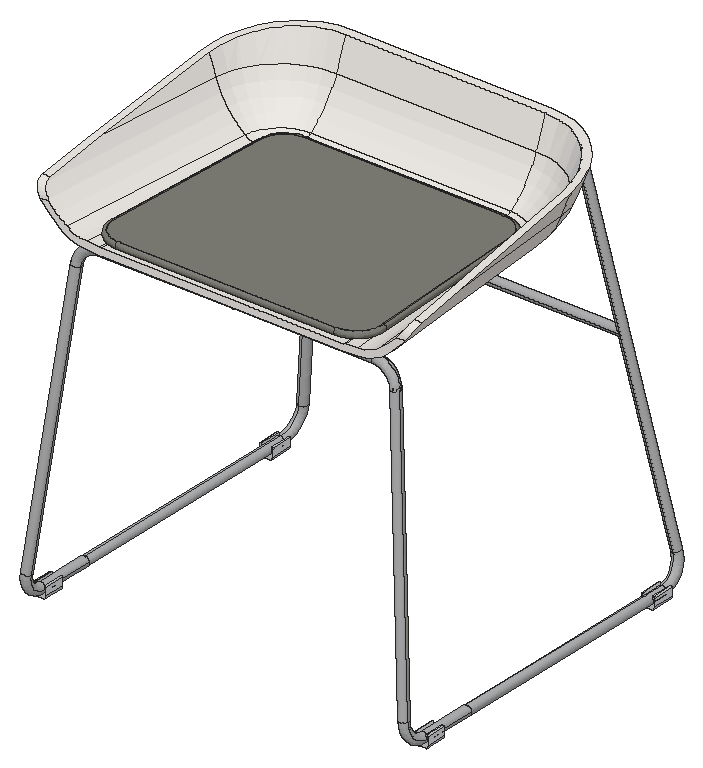
Revit family "revitupgrade", category Furniture, Revit 2020
Family settings
  Work Plane-Based = No
  Always vertical = Yes
  Cut with Voids When Loaded = No
  Shared = No
  Room Calculation Point = No
Parameters (values of type "with Upholstered Seat")
  Upholstery [instance] = Steelcase - BR08 Celery
  Upholstered Seat Cushion = yes
  URL = "https://www.steelcase.com"
  Symbol Name = "TS3704"
  Style Number(s) = "TS30704"
  Seat [instance] = Steelcase - 6618 White
  Release Date = "April 2018"  # constant formula
  Product Line = "Turnstone"  # constant formula
  Product = "Scoop"  # constant formula
  Opaque [instance] = yes
  Manufacturer = "Steelcase"  # constant formula
  Frame [instance] = Steelcase - 4799 Platinum Metallic
  Description = ""
  Default Elevation = 0.00"
  Copyright = "© 2010 Steelcase Inc."  # constant formula
  AutoCAD Tag = "SCOOP"  # constant formula
  Authoring Version = "Revit 2016"  # constant formula
  Assembly Code = "E2020200"
Types (2): name | Upholstered Seat Cushion | Symbol Name | Style Number(s) | Frame
  No Upholstered Seat | no | "TS3703" | "TS30703" | Steelcase - 6618 White
  with Upholstered Seat | yes | "TS3704" | "TS30704" | Steelcase - 4799 Platinum Metallic
Reference planes (in)
  plane 1 "Front": y = 0
  plane 2 "Bottom": z = 0
  plane 3 "Center Left/Right": x = 0
  plane 4: through (-10.26119, -180, 0.42307) normal (-0.9872, 0, 0.1592)
  plane 5: through (-10.27283, -180, 0.35089) normal (-0.9945, 0, 0.1045)
  plane 6: through (0, 0.96131, 16.58001) normal (0, 0.9962, -0.0872)
  plane 7: through (0, 15.22848, 20.23932) normal (0, -0.9903, -0.1392)
Forms (in)
  Sweep 1, solid, material "Steelcase - 6618 White" <- "Seat"
    path origin (180, 0, 0) x (1, 0, 0) y (0, 1, 0)
      loop
        line (-186.53428, -0.8001) -> (-185.51226, 10.65439)
        arc (-185.51226, 10.65439) -> (-185.46409, 10.75174) -> (-185.36285, 10.79106) r 0.15
        line (-185.36285, 10.79106) -> (-174.63715, 10.79106)
        arc (-174.63715, 10.79106) -> (-174.53591, 10.75174) -> (-174.48774, 10.65439) r 0.15
        line (-174.48774, 10.65439) -> (-173.46572, -0.8001)
    profile origin (0, 10.79106, 0) x (0, 1, 0) y (0, 0, 1)
      loop
        line (0.05035, 18.00107) -> (0.08413, 18.00107)
        arc (0.08413, 18.00107) -> (0.15067, 18.00312) -> (0.21696, 18.00926) r 1.08118
        arc (0.21696, 18.00926) -> (0.53401, 18.04187) -> (0.85214, 18.06133) r 7.70327
        arc (0.85214, 18.06133) -> (1.50241, 18.1741) -> (2.10113, 18.45179) r 2.52068
        arc (2.10113, 18.45179) -> (3.22113, 19.4442) -> (3.97339, 20.73781) r 4.71092
        arc (3.97339, 20.73781) -> (4.32001, 21.66549) -> (4.64867, 22.59967) r 51.35089
        line (4.64867, 22.59967) -> (4.25759, 22.59967)
        arc (4.25759, 22.59967) -> (3.95063, 21.73232) -> (3.62806, 20.87065) r 50.98089
        arc (3.62806, 20.87065) -> (2.93489, 19.67864) -> (1.90284, 18.76417) r 4.34092
        arc (1.90284, 18.76417) -> (1.39201, 18.52724) -> (0.83719, 18.43103) r 2.15068
        arc (0.83719, 18.43103) -> (0.50378, 18.41063) -> (0.1715, 18.37646) r 8.07327
        arc (0.1715, 18.37646) -> (0.1279, 18.37242) -> (0.08413, 18.37107) r 0.71118
        line (0.08413, 18.37107) -> (0.05035, 18.37107) -> (0.05035, 18.00107)
  Extrusion 2, void
    sketch origin (-8.04536, 5.95107, 48) x (0, -1, 0) y (0, 0, 1)
      loop
        line (-9.54849, -25.43864) -> (5.20014, -27.65585)
        arc (5.20014, -27.65585) -> (5.6593, -27.90166) -> (5.85955, -28.38244) r 0.77582
        line (5.85955, -28.38244) -> (5.95659, -30.234) -> (7.20107, -30.234) -> (7.20107, -24.99592) -> (-9.54849, -24.99592) -> (-9.54849, -25.43864)
    from -20.13826 to 4.20464
  Extrusion 3, solid, material "Steelcase - 6618 White" <- "Seat"
    sketch origin (0, 0, 0) x (1, 0, 0) y (0, 1, 0)
      loop
        line (-5.56241, 10.65887) -> (-6.51285, 0.00674) -> (6.51285, 0.00674) -> (5.56241, 10.65887)
        arc (5.56241, 10.65887) -> (5.49808, 10.7889) -> (5.36285, 10.84142) r 0.20035
        line (5.36285, 10.84142) -> (-5.36285, 10.84142)
        arc (-5.36285, 10.84142) -> (-5.49808, 10.7889) -> (-5.56241, 10.65887) r 0.20035
    from 18 to 18.37107
  Sweep 4, solid, material "Steelcase - 4799 Platinum Metallic" <- "Frame"
    path origin (-10.26119, -180, 0.42307) x (-0.159228, 0, -0.987242) y (0, -1, 0)
      loop
        line (-20.18039, -195.46618) -> (-1.41101, -197.99489)
        arc (-1.41101, -197.99489) -> (-0.42135, -197.69712) -> (0.00589, -196.75608) r 1.25
        line (0.00589, -196.75608) -> (0.00589, -183.61454)
    profile origin (-8.54221, 16.73054, 11.08103) x (-0.02126, -0.991046, -0.131815) y (-0.987242, 0, 0.159228)
      loop
        circle (0, 0) r 0.25
  Sweep 5, solid, material "Steelcase - 4799 Platinum Metallic" <- "Frame"
    path origin (-10.27283, -180, 0.35089) x (-0.104528, 0, -0.994522) y (0, -1, 0)
      loop
        line (-0.06731, -183.61454) -> (-0.06731, -180.71688)
        arc (-0.06731, -180.71688) -> (-0.44709, -179.8583) -> (-1.33784, -179.56172) r 1.1604
        line (-1.33784, -179.56172) -> (-16.2899, -180.98732)
    profile origin (-10.26579, 2.16571, 0.41783) x (0.104528, 0, 0.994522) y (-0.994522, 0, 0.104528)
      loop
        circle (0, 0) r 0.25
  Sweep 6, solid, material "Steelcase - 4799 Platinum Metallic" <- "Frame"
    path origin (0, 0.96131, 16.58001) x (0, -0.087156, -0.996195) y (-1, 0, 0)
      loop
        arc (0.09639, 8.82725) -> (-0.82674, 8.35654) -> (-1.198, 7.38911) r 1.44612
        line (-1.198, 7.38911) -> (-1.198, 0) -> (-1.198, -7.38911)
        arc (-1.198, -7.38911) -> (-0.82674, -8.35654) -> (0.09639, -8.82725) r 1.44612
    profile origin (-3.69456, 1.06572, 17.77344) x (0, -0.087156, -0.996195) y (0, 0.996195, -0.087156)
      loop
        circle (0.24905, 0.02179) r 0.25
  Sweep 7, solid
    path origin (0, 15.22848, 20.23932) x (0, -0.139173, 0.990268) y (-1, 0, 0)
      loop
        arc (0.06771, 7.31058) -> (0.8747, 6.83408) -> (1.19236, 5.95239) r 1.38243
        line (1.19236, 5.95239) -> (1.19236, -5.95239)
        arc (1.19236, -5.95239) -> (0.8747, -6.83408) -> (0.06771, -7.31058) r 1.38243
    profile origin (0, 15.06254, 21.42008) x (0, -0.139173, 0.990268) y (0, -0.990268, -0.139173)
      loop
        circle (-0.25, -0.25) r 0.25
  Sweep 8, solid, material "Steelcase - 4799 Platinum Metallic" <- "Frame"
    path origin (10.26119, -180, 0.42307) x (0.159228, 0, -0.987242) y (0, 1, 0)
      loop
        line (-20.18039, 195.46618) -> (-1.41101, 197.99489)
        arc (-1.41101, 197.99489) -> (-0.42135, 197.69712) -> (0.00589, 196.75608) r 1.25
        line (0.00589, 196.75608) -> (0.00589, 183.61454)
    profile origin (8.54221, 16.73054, 11.08103) x (-0.02126, 0.991046, 0.131815) y (0.987242, 0, 0.159228)
      loop
        circle (0, 0) r 0.25
  Sweep 9, solid, material "Steelcase - 4799 Platinum Metallic" <- "Frame"
    path origin (10.27283, -180, 0.35089) x (0.104528, 0, -0.994522) y (0, 1, 0)
      loop
        line (-0.06731, 183.61454) -> (-0.06731, 180.71688)
        arc (-0.06731, 180.71688) -> (-0.44709, 179.8583) -> (-1.33784, 179.56172) r 1.1604
        line (-1.33784, 179.56172) -> (-16.2899, 180.98732)
    profile origin (10.26579, 2.16571, 0.41783) x (0.104528, 0, -0.994522) y (0.994522, 0, 0.104528)
      loop
        circle (0, 0) r 0.25
  Sweep 10, solid, material "Steelcase - 4799 Platinum Metallic" <- "Frame"
    path origin (0, 0, 0) x (0, 1, 0) y (0, 0, 1)
      loop
        line (2.33213, 17.5) -> (11.42505, 17.5)
        arc (11.42505, 17.5) -> (14.15423, 18.59414) -> (15.37178, 21.27055) r 3.95085
    profile origin (0, 6.87859, 17.5) x (0, 0, 1) y (1, 0, 0)
      loop
        circle (0, -3.79944) r 0.25
      loop
        circle (0, 3.79944) r 0.25
  Sweep 11, solid, material "Steelcase - 4799 Platinum Metallic" <- "Frame"
    path origin (0, 0, 0) x (1, 0, 0) y (0, 1, 0)
      loop
        arc (3.79944, 2.33674) -> (3.57977, 1.80641) -> (3.04944, 1.58674) r 0.75
        line (3.04944, 1.58674) -> (-3.04944, 1.58674)
        arc (-3.04944, 1.58674) -> (-3.57977, 1.80641) -> (-3.79944, 2.33674) r 0.75
    profile origin (0, 1.58674, 0) x (0, -1, 0) y (0, 0, 1)
      loop
        circle (-0.05574, 17.4998) r 0.25
  Extrusion 12, solid, material "Steelcase - 4799 Platinum Metallic" <- "Frame"
    sketch origin (0, 0, 0) x (1, 0, 0) y (0, 1, 0)
      loop
        line (-4.04849, 11.60632) -> (-4.04849, 1.10632) -> (4.04765, 1.10632) -> (4.04765, 11.60632) -> (-4.04849, 11.60632)
    from 17.766 to 18
  Extrusion 13, solid, material "Steelcase - 4799 Platinum Metallic" <- "Frame"
    sketch origin (0, 0, 0) x (0, 1, 0) y (0, 0, 1)
      loop
        circle (16.55437, 12.32258) r 0.25
    from -8.328 to 8.32109
  Sweep 14, solid, material "Steelcase - BR08 Celery" <- "Upholstery", visible <- "Upholstered Seat Cushion"
    path origin (0, 0, 0) x (1, 0, 0) y (0, 1, 0)
      loop
        arc (6.7084, 11.00355) -> (6.29639, 11.89207) -> (5.38645, 12.25432) r 1.32397
        line (5.38645, 12.25432) -> (-5.38645, 12.25432)
        arc (-5.38645, 12.25432) -> (-6.29639, 11.89207) -> (-6.7084, 11.00355) r 1.32397
        line (-6.7084, 11.00355) -> (-7.21783, 1.80333)
        arc (-7.21783, 1.80333) -> (-6.85184, 0.80446) -> (-5.87473, 0.38381) r 1.34515
        line (-5.87473, 0.38381) -> (5.87473, 0.38381)
        arc (5.87473, 0.38381) -> (6.85184, 0.80446) -> (7.21783, 1.80333) r 1.34515
        line (7.21783, 1.80333) -> (6.7084, 11.00355)
    profile origin (6.96311, 6.40344, 0) x (0.998471, 0.055287, 0) y (0, 0, 1)
      loop
        arc (0, 18.41237) -> (0.16881, 18.58119) -> (0, 18.75) r 0.16881
        line (0, 18.75) -> (0, 18.41237)
  Extrusion 15, solid, material "Steelcase - BR08 Celery" <- "Upholstery", visible <- "Upholstered Seat Cushion"
    sketch origin (0, 0, 0) x (1, 0, 0) y (0, 1, 0)
      loop
        arc (-5.38645, 12.25432) -> (-6.29639, 11.89207) -> (-6.7084, 11.00355) r 1.32397
        line (-6.7084, 11.00355) -> (-7.21783, 1.80333)
        arc (-7.21783, 1.80333) -> (-6.85184, 0.80446) -> (-5.87473, 0.38381) r 1.34515
        line (-5.87473, 0.38381) -> (5.87473, 0.38381)
        arc (5.87473, 0.38381) -> (6.85184, 0.80446) -> (7.21783, 1.80333) r 1.34515
        line (7.21783, 1.80333) -> (6.7084, 11.00355)
        arc (6.7084, 11.00355) -> (6.29639, 11.89207) -> (5.38645, 12.25432) r 1.32397
        line (5.38645, 12.25432) -> (-5.38645, 12.25432)
    from 18.41237 to 18.75
  Extrusion 16, solid
    sketch origin (0, 0, 0) x (1, 0, 0) y (0, 0, 1)
      loop
        arc (-10.54399, 0.6557) -> (-10.59167, 0.63594) -> (-10.61142, 0.58826) r 0.06743
        line (-10.61142, 0.58826) -> (-10.61142, 0.16)
        arc (-10.61142, 0.16) -> (-10.56456, 0.04686) -> (-10.45142, 0) r 0.16
        line (-10.45142, 0) -> (-10.07999, 0)
        arc (-10.07999, 0) -> (-9.96685, 0.04686) -> (-9.91999, 0.16) r 0.16
        line (-9.91999, 0.16) -> (-9.91999, 0.5857)
        arc (-9.91999, 0.5857) -> (-9.9359, 0.63013) -> (-9.9764, 0.65436) r 0.07
        line (-9.9764, 0.65436) -> (-10.01532, 0.37745)
        arc (-10.01532, 0.37745) -> (-10.11575, 0.21459) -> (-10.30193, 0.17044) r 0.25
        arc (-10.30193, 0.17044) -> (-10.45246, 0.25516) -> (-10.51213, 0.41725) r 0.25
        line (-10.51213, 0.41725) -> (-10.48707, 0.6557) -> (-10.54399, 0.6557)
      loop
        line (10.54399, 0.6557) -> (10.48707, 0.6557) -> (10.51213, 0.41725)
        arc (10.51213, 0.41725) -> (10.45246, 0.25516) -> (10.30193, 0.17044) r 0.25
        arc (10.30193, 0.17044) -> (10.11575, 0.21459) -> (10.01532, 0.37745) r 0.25
        line (10.01532, 0.37745) -> (9.9764, 0.65436)
        arc (9.9764, 0.65436) -> (9.9359, 0.63013) -> (9.91999, 0.5857) r 0.07
        line (9.91999, 0.5857) -> (9.91999, 0.16)
        arc (9.91999, 0.16) -> (9.96685, 0.04686) -> (10.07999, 0) r 0.16
        line (10.07999, 0) -> (10.45142, 0)
        arc (10.45142, 0) -> (10.56456, 0.04686) -> (10.61142, 0.16) r 0.16
        line (10.61142, 0.16) -> (10.61142, 0.58826)
        arc (10.61142, 0.58826) -> (10.59167, 0.63594) -> (10.54399, 0.6557) r 0.06743
    from -1.68405 to -0.61368
  Extrusion 17, solid
    sketch origin (0, 0, 0) x (1, 0, 0) y (0, 0, 1)
      loop
        arc (-10.54399, 0.6557) -> (-10.59167, 0.63594) -> (-10.61142, 0.58826) r 0.06743
        line (-10.61142, 0.58826) -> (-10.61142, 0.16)
        arc (-10.61142, 0.16) -> (-10.56456, 0.04686) -> (-10.45142, 0) r 0.16
        line (-10.45142, 0) -> (-10.07999, 0)
        arc (-10.07999, 0) -> (-9.96685, 0.04686) -> (-9.91999, 0.16) r 0.16
        line (-9.91999, 0.16) -> (-9.91999, 0.5857)
        arc (-9.91999, 0.5857) -> (-9.9359, 0.63013) -> (-9.9764, 0.65436) r 0.07
        line (-9.9764, 0.65436) -> (-10.01532, 0.37745)
        arc (-10.01532, 0.37745) -> (-10.11575, 0.21459) -> (-10.30193, 0.17044) r 0.25
        arc (-10.30193, 0.17044) -> (-10.45246, 0.25516) -> (-10.51213, 0.41725) r 0.25
        line (-10.51213, 0.41725) -> (-10.48707, 0.6557) -> (-10.54399, 0.6557)
      loop
        line (10.54399, 0.6557) -> (10.48707, 0.6557) -> (10.51213, 0.41725)
        arc (10.51213, 0.41725) -> (10.45246, 0.25516) -> (10.30193, 0.17044) r 0.25
        arc (10.30193, 0.17044) -> (10.11575, 0.21459) -> (10.01532, 0.37745) r 0.25
        line (10.01532, 0.37745) -> (9.9764, 0.65436)
        arc (9.9764, 0.65436) -> (9.9359, 0.63013) -> (9.91999, 0.5857) r 0.07
        line (9.91999, 0.5857) -> (9.91999, 0.16)
        arc (9.91999, 0.16) -> (9.96685, 0.04686) -> (10.07999, 0) r 0.16
        line (10.07999, 0) -> (10.45142, 0)
        arc (10.45142, 0) -> (10.56456, 0.04686) -> (10.61142, 0.16) r 0.16
        line (10.61142, 0.16) -> (10.61142, 0.58826)
        arc (10.61142, 0.58826) -> (10.59167, 0.63594) -> (10.54399, 0.6557) r 0.06743
    from -16.96497 to -15.82283
Cuts and joins
  Extrusion 2 cuts Sweep 1
  Extrusion 2 cuts Extrusion 3
  joined: Sweep 1, Extrusion 3
Lines and regions (in)
  Masking region 1, visible <- "Opaque"
    outline origin (180, 0, 0) x (1, 0, 0) y (0, 1, 0)
      loop
        arc (-191.57931, 0.61368) -> (-191.55617, 0.01942) -> (-191.45844, -0.5672) r 4.71631
        arc (-191.45844, -0.5672) -> (-191.29841, -0.73999) -> (-191.06306, -0.73095) r 0.28182
        line (-191.06306, -0.73095) -> (-189.71655, 0.00006) -> (-180, 0.00006) -> (-170.28345, 0.00006) -> (-168.93694, -0.73095)
        arc (-168.93694, -0.73095) -> (-168.70159, -0.73999) -> (-168.54156, -0.5672) r 0.28182
        arc (-168.54156, -0.5672) -> (-168.44383, 0.01942) -> (-168.42069, 0.61368) r 4.71631
        line (-168.42069, 0.61368) -> (-168.42069, 18.1313) -> (-168.48254, 19.12973)
        arc (-168.48254, 19.12973) -> (-168.6537, 19.43056) -> (-168.99976, 19.4371) r 0.34994
        line (-168.99976, 19.4371) -> (-173.13919, 15.62368)
        arc (-173.13919, 15.62368) -> (-173.62115, 15.55536) -> (-174.10769, 15.5403) r 4.4316
        line (-174.10769, 15.5403) -> (-179.99994, 15.5403) -> (-185.89231, 15.5403)
        arc (-185.89231, 15.5403) -> (-186.37885, 15.55536) -> (-186.86081, 15.62368) r 4.4316
        line (-186.86081, 15.62368) -> (-191.00024, 19.4371)
        arc (-191.00024, 19.4371) -> (-191.3463, 19.43056) -> (-191.51746, 19.12973) r 0.34994
        line (-191.51746, 19.12973) -> (-191.57931, 18.1313) -> (-191.57931, 0.61368)
  symbolic lines, style "Steelcase Furniture"
    curve 1: line (-6.86081, 15.62368, 0) -> (-11.00024, 19.4371, 0)
    curve 2: line (0.00006, 15.5403, 0) -> (-5.89231, 15.5403, 0)
    curve 3: arc (-5.89231, 15.5403, 0) -> (-6.37885, 15.55536, 0) -> (-6.86081, 15.62368, 0) r 4.4316
    curve 4: arc (-11.00024, 19.4371, 0) -> (-11.3463, 19.43056, 0) -> (-11.51746, 19.12973, 0) r 0.34994
    curve 5: line (-11.51746, 19.12973, 0) -> (-11.57931, 18.1313, 0)
    curve 6: line (-11.57931, 18.1313, 0) -> (-11.57931, 0.61368, 0)
    curve 7: arc (-11.57931, 0.61368, 0) -> (-11.55617, 0.01942, 0) -> (-11.45844, -0.5672, 0) r 4.71631
    curve 8: arc (-11.45844, -0.5672, 0) -> (-11.29841, -0.73999, 0) -> (-11.06306, -0.73095, 0) r 0.28182
    curve 9: line (-11.06306, -0.73095, 0) -> (-9.71655, 0.00006, 0)
    curve 10: line (-9.71655, 0.00006, 0) -> (0, 0.00006, 0)
    curve 23: line (6.86081, 15.62368, 0) -> (11.00024, 19.4371, 0)
    curve 24: line (0.00006, 15.5403, 0) -> (5.89231, 15.5403, 0)
    curve 25: arc (5.89231, 15.5403, 0) -> (6.37885, 15.55536, 0) -> (6.86081, 15.62368, 0) r 4.4316
    curve 26: arc (11.00024, 19.4371, 0) -> (11.3463, 19.43056, 0) -> (11.51746, 19.12973, 0) r 0.34994
    curve 27: line (11.51746, 19.12973, 0) -> (11.57931, 18.1313, 0)
    curve 28: line (11.57931, 18.1313, 0) -> (11.57931, 0.61368, 0)
    curve 29: arc (11.57931, 0.61368, 0) -> (11.55617, 0.01942, 0) -> (11.45844, -0.5672, 0) r 4.71631
    curve 30: arc (11.45844, -0.5672, 0) -> (11.29841, -0.73999, 0) -> (11.06306, -0.73095, 0) r 0.28182
    curve 31: line (11.06306, -0.73095, 0) -> (9.71655, 0.00006, 0)
    curve 32: line (9.71655, 0.00006, 0) -> (0, 0.00006, 0)
  symbolic lines, style "Steelcase Furniture", detail levels medium+fine
    curve 11: line (-6.39231, 0.79106, 0) -> (-5.50006, 10.79106, 0)
    curve 12: line (-6.39231, 0.00006, 0) -> (-6.39231, 0.79106, 0)
    curve 13: line (-11.03831, -0.14862, 0) -> (-9.76998, 0.54005, 0)
    curve 14: line (-11.30381, -0.29282, 0) -> (-11.03831, -0.14862, 0)
    curve 15: line (-11.07931, 18.13386, 0) -> (-11.07931, 0.61362, 0)
    curve 16: arc (-11.07931, 0.61362, 0) -> (-11.07054, 0.23187, 0) -> (-11.03831, -0.14862, 0) r 6.20575
    curve 17: arc (-9.04015, 13.14718, 0) -> (-9.52584, 6.94646, 0) -> (-9.79181, 0.73244, 0) r 175.74829
    curve 18: line (-9.79181, 0.73244, 0) -> (-9.70869, 0.00006, 0)
    curve 19: arc (-6.68422, 15.28743, 0) -> (-8.27569, 14.67248, 0) -> (-9.04015, 13.14718, 0) r 2.3668
    curve 20: line (-7.15977, 15.22023, 0) -> (-11.04731, 18.80155, 0)
    curve 21: line (-11.04731, 18.80155, 0) -> (-11.07931, 18.13386, 0)
    curve 22: line (0, 15.28743, 0) -> (-6.68422, 15.28743, 0)
    curve 33: line (6.39231, 0.79106, 0) -> (5.50006, 10.79106, 0)
    curve 34: line (6.39231, 0.00006, 0) -> (6.39231, 0.79106, 0)
    curve 35: line (11.03831, -0.14862, 0) -> (9.76998, 0.54005, 0)
    curve 36: line (11.30381, -0.29282, 0) -> (11.03831, -0.14862, 0)
    curve 37: line (11.07931, 18.13386, 0) -> (11.07931, 0.61362, 0)
    curve 38: arc (11.07931, 0.61362, 0) -> (11.07054, 0.23187, 0) -> (11.03831, -0.14862, 0) r 6.20575
    curve 39: arc (9.04015, 13.14718, 0) -> (9.52584, 6.94646, 0) -> (9.79181, 0.73244, 0) r 175.74829
    curve 40: line (9.79181, 0.73244, 0) -> (9.70869, 0.00006, 0)
    curve 41: arc (6.68422, 15.28743, 0) -> (8.27569, 14.67248, 0) -> (9.04015, 13.14718, 0) r 2.3668
    curve 42: line (7.15977, 15.22023, 0) -> (11.04731, 18.80155, 0)
    curve 43: line (11.04731, 18.80155, 0) -> (11.07931, 18.13386, 0)
    curve 44: line (0, 15.28743, 0) -> (6.68422, 15.28743, 0)
    curve 45: line (-5.50006, 10.79106, 0) -> (5.50006, 10.79106, 0)
Dimensions and locks (in)
  aligned and locked: level to plane 2 "Bottom"
